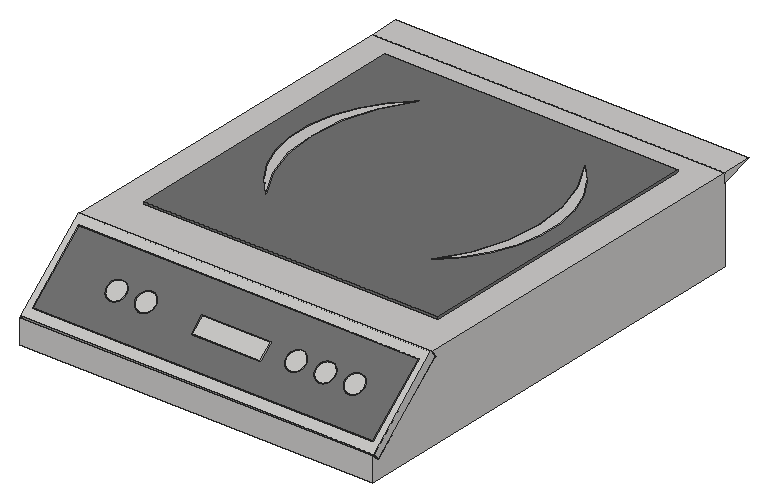
Revit family "QF_Vollrath 59310", category Specialty Equipment, Revit 2016
Family settings
  Part Type = Normal
  Round Connector Dimension = Use Diameter
  OmniClass Number = 23.40.40.14.17.14
  OmniClass Title = Hot Plates
  Work Plane-Based = No
  Always vertical = Yes
  Cut with Voids When Loaded = No
  Shared = No
  Room Calculation Point = No
Parameters (values of type "59310")
  Width = 12.00"
  Weight in Pounds = 10
  Watts = 1400 W
  Watermarked By = "http://revitwatermark.com"
  Volts = 120 V
  URL Cutsheet = ""
  URL = "www.vollrathco.com"
  Status [instance] = ""
  Specification by User [instance] = ""
  Specification by Manufacturer = ""
  Serial Number [instance] = ""
  Seismic Rating [instance] = ""
  Revision Code [instance] = ""
  Phase = 1
  Number of Poles [instance] = 1
  NAFEM Spec ID Number [instance] = ""
  Model = "59310"
  Masterspec = ""
  Manufacturer = "Vollrath"
  Leg Height [instance] = 0.25"
  Item Number [instance] = ""
  Installed By [instance] = ""
  Height AFF [instance] = 36.00"
  Height [instance] = 3.125"
  Furnished By [instance] = ""
  Foodservice Equipment Identifier [instance] = yes
  FL Amps = 12 A
  Electrical Remarks [instance] = ""
  Electric Connection Type [instance] = ""
  Elec Conn Connection Height [instance] = Height AFF + 2.00"  # 38.00"
  Description = "Induction Range, Countertop"
  Depth = 16.00"
  Cycle = 60 Hz
  Conn Plug = "NEMA 5-15P"
  CSI MasterFormat = "11 42 13"
  Assembly Code = "E1090320"
  Apparent Power = if(Phase = 3, Volts * FL Amps * 1.73, Volts * FL Amps)  # 1440 VA
Reference planes (in)
  plane 1: z = 0
  plane 2 "LEFT": x = 48.38
  plane 3 "BACK": y = -49.12
  plane 4 "BOTTOM": z = 36
  plane 5 "RIGHT": x = 60.38
  plane 6 "FRONT": y = -64.12
  plane 7 "TOP": z = 39.125
  plane 8: z = 36.25
  plane 9: y = -49.12
  plane 10: x = 49.38
  plane 11: x = 59.38
  plane 12: y = -63.12
  plane 13: z = 38.33039
  plane 14: y = -48.12
  plane 15: y = -61.5
  plane 16: z = 36.75
  plane 17: x = 59.63
  plane 18: y = -44.12
  plane 19: z = 39.19916
Forms (in)
  Extrusion 1, solid, material "QF_Finishes_Stainless Steel"
    sketch origin (48.38, 0, 0) x (0, 1, 0) y (0, 0, 1)
      loop
        line (-61.245, 39.125) -> (-61.245, 36.25) -> (-49.12, 36.25) -> (-49.12, 39.125) -> (-61.245, 39.125)
    from 0 to 12
  Extrusion 2, solid, material "QF_Finishes_Stainless Steel"
    sketch origin (0, -0.48296, 0) x (1, 0, 0) y (0, 1, 0)
      loop
        circle (49.38, -49.12) r 0.25
    from 36 to 36.25
  Extrusion 3, solid, material "QF_Finishes_Stainless Steel"
    sketch origin (10.12941, -0.48296, 0) x (1, 0, 0) y (0, 1, 0)
      loop
        circle (49.38, -49.12) r 0.25
    from 36 to 36.25
  Extrusion 4, solid, material "QF_Finishes_Stainless Steel"
    sketch origin (10.14941, -14, 0) x (1, 0, 0) y (0, 1, 0)
      loop
        circle (49.38, -49.12) r 0.25
    from 36 to 36.25
  Extrusion 5, solid, material "QF_Finishes_Stainless Steel"
    sketch origin (0, -14, 0) x (1, 0, 0) y (0, 1, 0)
      loop
        circle (49.38, -49.12) r 0.25
    from 36 to 36.25
  Extrusion 6, void
    sketch origin (0, 0, 0) x (1, 0, 0) y (0, 1, 0)
      loop
        line (49.38, -49.8642) -> (49.38, -60.10178) -> (59.38, -60.10178) -> (59.38, -49.8642) -> (49.38, -49.8642)
    from 38.33039 to 28.625
  Extrusion 7, solid, material "QF_Finishes_Dark Grey"
    sketch origin (0, 0, 0) x (1, 0, 0) y (0, 1, 0)
      loop
        line (59.38, -49.8642) -> (49.38, -49.8642) -> (49.38, -60.10178) -> (59.38, -60.10178) -> (59.38, -49.8642)
      loop
        arc (51.66558, -57.76405) -> (50.61588, -54.51405) -> (51.66558, -51.26405) r 5.55606
        arc (51.66558, -51.26405) -> (50.19013, -54.51405) -> (51.66558, -57.76405) r 4.31714
      loop
        arc (57.31071, -57.76405) -> (58.78616, -54.51405) -> (57.31071, -51.26405) r 4.31714
        arc (57.31071, -51.26405) -> (58.3604, -54.51405) -> (57.31071, -57.76405) r 5.55606
    from 38.33039 to 39.19916
  Extrusion 8, solid, material "QF_Finishes_Stainless Steel"
    sketch origin (0, 0, 0) x (1, 0, 0) y (0, 1, 0)
      loop
        arc (51.66558, -57.76405) -> (50.61588, -54.51405) -> (51.66558, -51.26405) r 5.55606
        arc (51.66558, -51.26405) -> (50.19013, -54.51405) -> (51.66558, -57.76405) r 4.31714
      loop
        arc (57.31071, -57.76405) -> (58.78616, -54.51405) -> (57.31071, -51.26405) r 4.31714
        arc (57.31071, -51.26405) -> (58.3604, -54.51405) -> (57.31071, -57.76405) r 5.55606
    from 38.33039 to 39.19916
  Extrusion 9, solid, material "QF_Finishes_Stainless Steel"
    sketch origin (48.38, 0, 0) x (0, 1, 0) y (0, 0, 1)
      loop
        line (-64.12, 36.25) -> (-61.245, 36.25) -> (-61.245, 39.125) -> (-61.60957, 39.125) -> (-61.41919, 38.8899) -> (-63.91495, 36.86887) -> (-64.12, 37.07393) -> (-64.12, 36.25)
    from 0 to 12
  Extrusion 10, solid, material "QF_Finishes_Stainless Steel"
    sketch origin (0, -73.94874, 7.66231) x (1, 0, 0) y (0, 0.762048, 0.647521)
      loop
        line (48.38, 29.78803) -> (48.38, 26.57393) -> (60.38, 26.57393) -> (60.38, 29.78803) -> (48.38, 29.78803)
      loop
        line (48.57031, 29.4729) -> (48.57031, 26.90016) -> (60.1637, 26.90016) -> (60.1637, 29.4729) -> (48.57031, 29.4729)
    from 15.75624 to 16.04533
  Extrusion 11, solid, material "QF_Finishes_Dark Grey"
    sketch origin (20, -79.4147, 4.93739) x (1, 0, 0) y (0, 0.766044, 0.642788)
      loop
        line (28.57031, 32.73894) -> (40.1637, 32.73894) -> (40.1637, 35.31163) -> (28.57031, 35.31163) -> (28.57031, 32.73894)
      loop
        line (33.4252, 34.25562) -> (33.4252, 33.65796) -> (35.76987, 33.65796) -> (35.76987, 34.25562) -> (33.4252, 34.25562)
      loop
        circle (36.7583, 34.02575) r 0.32508
      loop
        circle (37.7583, 34.02575) r 0.32508
      loop
        circle (38.7583, 34.02575) r 0.32508
      loop
        circle (30.64379, 34.02575) r 0.32508
      loop
        circle (31.64379, 34.02575) r 0.32508
    from 14.49145 to 14.78939
  Extrusion 12, solid, material "QF_Finishes_Stainless Steel"
    sketch origin (20, -79.4147, 4.93739) x (1, 0, 0) y (0, 0.766044, 0.642788)
      loop
        circle (30.64379, 34.02575) r 0.32508
      loop
        circle (31.64379, 34.02575) r 0.32508
      loop
        line (33.4252, 34.25562) -> (33.4252, 33.65796) -> (35.76987, 33.65796) -> (35.76987, 34.25562) -> (33.4252, 34.25562)
      loop
        circle (36.7583, 34.02575) r 0.32508
      loop
        circle (37.7583, 34.02575) r 0.32508
      loop
        circle (38.7583, 34.02575) r 0.32508
    from 14.49145 to 14.78939
  Extrusion 13, solid, material "QF_Finishes_Stainless Steel", not visible
    sketch origin (0, -73.94874, -2.83769) x (1, 0, 0) y (0, 0.762048, 0.647521)
      loop
        line (48.38, 29.78803) -> (48.38, 26.57393) -> (60.38, 26.57393) -> (60.38, 29.78803) -> (48.38, 29.78803)
      loop
        line (48.57031, 29.4729) -> (48.57031, 26.90016) -> (60.1637, 26.90016) -> (60.1637, 29.4729) -> (48.57031, 29.4729)
    from 15.75624 to 16.04533
  Extrusion 14, solid, material "QF_Finishes_Dark Grey", not visible
    sketch origin (20, -79.4147, -5.56261) x (1, 0, 0) y (0, 0.766044, 0.642788)
      loop
        line (28.57031, 32.73894) -> (40.1637, 32.73894) -> (40.1637, 35.31163) -> (28.57031, 35.31163) -> (28.57031, 32.73894)
      loop
        line (33.4252, 34.25562) -> (33.4252, 33.65796) -> (35.76987, 33.65796) -> (35.76987, 34.25562) -> (33.4252, 34.25562)
      loop
        circle (36.7583, 34.02575) r 0.32508
      loop
        circle (37.7583, 34.02575) r 0.32508
      loop
        circle (38.7583, 34.02575) r 0.32508
      loop
        circle (30.64379, 34.02575) r 0.32508
      loop
        circle (31.64379, 34.02575) r 0.32508
    from 14.49145 to 14.78939
  Extrusion 15, solid, material "QF_Finishes_Stainless Steel", not visible
    sketch origin (20, -79.4147, -5.56261) x (1, 0, 0) y (0, 0.766044, 0.642788)
      loop
        circle (30.64379, 34.02575) r 0.32508
      loop
        circle (31.64379, 34.02575) r 0.32508
      loop
        line (33.4252, 34.25562) -> (33.4252, 33.65796) -> (35.76987, 33.65796) -> (35.76987, 34.25562) -> (33.4252, 34.25562)
      loop
        circle (36.7583, 34.02575) r 0.32508
      loop
        circle (37.7583, 34.02575) r 0.32508
      loop
        circle (38.7583, 34.02575) r 0.32508
    from 14.49145 to 14.78939
  Extrusion 16, solid, material "QF_Finishes_Stainless Steel"
    sketch origin (48.38, 0, 0) x (0, 1, 0) y (0, 0, 1)
      loop
        line (-49.12, 39.125) -> (-49.12, 38.81927) -> (-48.12, 39.125) -> (-49.12, 39.125)
    from 0 to 12
  Extrusion 17, solid, material "QF_Finishes_Stainless Steel"
    sketch origin (0, -49.12, 0) x (1, 0, 0) y (0, 0, 1)
      loop
        circle (59.63, 36.75) r 0.25
    from 0 to -0.22632
  Extrusion 18, solid, material "QF_Finishes_Clearances", detail levels coarse
    sketch origin (0, 0, 0) x (1, 0, 0) y (0, 1, 0)
      loop
        line (48.38, -44.12) -> (48.38, -48.12) -> (60.38, -48.12) -> (60.38, -44.12) -> (48.38, -44.12)
    from 36 to 39.125
Cuts and joins
  Extrusion 6 cuts Extrusion 1
  joined: Extrusion 1, Extrusion 9
Lines and regions (in)
  symbolic lines
    curve 1: line (60.38, -49.12, 0) -> (48.38, -49.12, 0)
    curve 2: line (48.38, -49.12, 0) -> (48.38, -64.12, 0)
    curve 3: line (49.38, -49.8642, 0) -> (49.38, -60.10178, 0)
    curve 4: line (59.38, -49.8642, 0) -> (49.38, -49.8642, 0)
    curve 5: line (59.38, -60.10178, 0) -> (59.38, -49.8642, 0)
    curve 6: arc (57.31071, -51.26405, 0) -> (58.3604, -54.51405, 0) -> (57.31071, -57.76405, 0) r 5.55606
    curve 7: arc (57.31071, -57.76405, 0) -> (58.78616, -54.51405, 0) -> (57.31071, -51.26405, 0) r 4.31714
    curve 8: arc (51.66558, -57.76405, 0) -> (50.61588, -54.51405, 0) -> (51.66558, -51.26405, 0) r 5.55606
    curve 9: arc (51.66558, -51.26405, 0) -> (50.19013, -54.51405, 0) -> (51.66558, -57.76405, 0) r 4.31714
    curve 10: line (49.38, -60.10178, 0) -> (59.38, -60.10178, 0)
    curve 11: line (60.38, -64.12, 0) -> (60.38, -49.12, 0)
    curve 12: line (60.38, -61.63854, 0) -> (48.38, -61.63854, 0)
    curve 13: line (48.38, -64.12, 0) -> (60.38, -64.12, 0)
    curve 14: line (48.38, -48.12, 0) -> (48.38, -49.12, 0)
    curve 15: line (60.38, -49.12, 0) -> (60.38, -48.12, 0)
    curve 16: line (60.38, -48.12, 0) -> (48.38, -48.12, 0)
Dimensions and locks (in)
  "Height AFF": plane 4 "BOTTOM" to level
  "Height": plane 7 "TOP" to plane 4 "BOTTOM"
  "Leg Height": plane 8 to plane 4 "BOTTOM"
  "Width": plane 2 "LEFT" to plane 5 "RIGHT"
  plane 3 "BACK" to plane 9 = 0.00"
  plane 12 to plane 6 "FRONT" = 1.00"
  plane 2 "LEFT" to plane 10 = 1.00"
  plane 11 to plane 5 "RIGHT" = 1.00"
  locked: plane 7 "TOP" to Extrusion 11 at 0.38864
  locked: plane 7 "TOP" to plane 13 at 0.79461
  locked: plane 8 to plane 16 at 0.5
  locked: plane 18 to plane 14 at 4
  "Depth": plane 14 to plane 6 "FRONT"
  locked: plane 19 to plane 7 "TOP" at 0.07416
  aligned and locked: level to plane 1
  aligned and locked: plane 8 to Extrusion 4
  aligned and locked: Extrusion 4 to plane 4 "BOTTOM"
  aligned and locked: plane 8 to Extrusion 5
  aligned and locked: Extrusion 5 to plane 4 "BOTTOM"
  aligned and locked: plane 8 to Extrusion 3
  aligned and locked: Extrusion 3 to plane 4 "BOTTOM"
  aligned and locked: plane 8 to Extrusion 2
  aligned and locked: Extrusion 2 to plane 4 "BOTTOM"
  aligned and locked: plane 7 "TOP" to Extrusion 1
  aligned and locked: Extrusion 1 to plane 8
  aligned: plane 7 "TOP" to Extrusion 7
  aligned and locked: Extrusion 7 to plane 13
  aligned and locked: cut or joined group of Extrusion 1, Extrusion 6, Extrusion 9 to plane 13
  aligned: plane 7 "TOP" to Extrusion 8
  aligned and locked: Extrusion 8 to cut or joined group of Extrusion 1, Extrusion 6, Extrusion 9
  aligned and locked: plane 7 "TOP" to Extrusion 16
  aligned and locked: plane 3 "BACK" to Extrusion 16
  aligned and locked: plane 2 "LEFT" to Extrusion 18 sketch curve
  aligned and locked: Extrusion 18 sketch curve to Extrusion 16  (x2)
  aligned and locked: plane 7 "TOP" to Extrusion 18
  aligned and locked: Extrusion 18 to plane 4 "BOTTOM"
  aligned and locked: plane 7 "TOP" to cut or joined group of Extrusion 1, Extrusion 6, Extrusion 9
  aligned and locked: plane 13 to Extrusion 7
  aligned: Extrusion 8 to plane 7 "TOP"
  aligned and locked: plane 13 to Extrusion 8
  aligned and locked: plane 19 to Extrusion 7
  aligned and locked: Extrusion 7 to Extrusion 8
Automatic sketch dimensions
  Extrusion 1 sketch curve to plane 7 "TOP" = 0.00"
  Extrusion 1 sketch curve to plane 8 = 0.00"
  Extrusion 1 sketch curve to plane 3 "BACK" = 0.00"
  plane 12 to Extrusion 1 sketch curve = 1.875"
  Extrusion 2 sketch curve to plane 9 = 0.48296"
  plane 10 to Extrusion 2 sketch curve = 0.00"
  Extrusion 3 sketch curve to plane 9 = 0.48296"
  plane 11 to Extrusion 3 sketch curve = 0.12941"
  plane 11 to Extrusion 4 sketch curve = 0.14941"
  Extrusion 4 sketch curve to plane 12 = 0.00"
  Extrusion 5 sketch curve to plane 10 = 0.00"
  Extrusion 5 sketch curve to plane 12 = 0.00"
  Extrusion 6 sketch curve to plane 10 = 0.00"
  Extrusion 6 sketch curve to plane 11 = 0.00"
  Extrusion 6 sketch curve to plane 9 = 0.7442"
  plane 12 to Extrusion 6 sketch curve = 3.01822"
  Extrusion 7 sketch curve to plane 9 = 0.7442"
  Extrusion 7 sketch curve to plane 10 = 0.00"
  Extrusion 7 sketch curve to plane 11 = 0.00"
  plane 10 to Extrusion 7 sketch curve = 2.28558"  (x2)
  plane 10 to Extrusion 7 sketch curve = 3.42434"
  Extrusion 7 sketch curve to Extrusion 7 sketch curve = 1.66467"  (x2)
  Extrusion 7 sketch curve to Extrusion 7 sketch curve = 0.03825"
  Extrusion 7 sketch curve to plane 11 = 2.06929"  (x2)
  Extrusion 7 sketch curve to plane 9 = 2.14405"  (x2)
  Extrusion 7 sketch curve to Extrusion 7 sketch curve = 3.25"
  Extrusion 7 sketch curve to Extrusion 7 sketch curve = 0.00"
  plane 12 to Extrusion 7 sketch curve = 3.01822"
  plane 10 to Extrusion 8 sketch curve = 2.28558"  (x2)
  plane 10 to Extrusion 8 sketch curve = 3.42434"
  Extrusion 8 sketch curve to Extrusion 8 sketch curve = 1.66467"  (x2)
  Extrusion 8 sketch curve to Extrusion 8 sketch curve = 0.03825"
  Extrusion 8 sketch curve to plane 11 = 2.06929"  (x2)
  plane 12 to Extrusion 8 sketch curve = 5.35595"  (x2)
  Extrusion 8 sketch curve to Extrusion 8 sketch curve = 3.25"
  Extrusion 8 sketch curve to Extrusion 8 sketch curve = 0.00"
  Extrusion 9 sketch curve to plane 6 "FRONT" = 0.00"
  Extrusion 9 sketch curve to plane 7 "TOP" = 0.00"
  Extrusion 9 sketch curve to plane 8 = 0.00"
  plane 6 "FRONT" to Extrusion 9 sketch curve = 0.20505"
  plane 12 to Extrusion 9 sketch curve = 1.51043"
  Extrusion 9 sketch curve to plane 7 "TOP" = 0.2351"
  Extrusion 9 sketch curve to Extrusion 9 sketch curve = 0.19038"
  Extrusion 9 sketch curve to Extrusion 9 sketch curve = 0.17419"
  Extrusion 9 sketch curve to Extrusion 9 sketch curve = 0.20505"
  Extrusion 10 sketch curve to Extrusion 10 sketch curve = 0.19031"
  Extrusion 10 sketch curve to Extrusion 10 sketch curve = 0.2163"
  Extrusion 10 sketch curve to Extrusion 10 sketch curve = 0.32623"
  Extrusion 10 sketch curve to Extrusion 10 sketch curve = 2.57274"
  Extrusion 10 sketch curve to Extrusion 10 sketch curve = 0.31513"
  Extrusion 11 sketch curve to Extrusion 11 sketch curve = 2.07348"
  Extrusion 11 sketch curve to Extrusion 11 sketch curve = 1.00"  (x3)
  Extrusion 11 sketch curve to Extrusion 11 sketch curve = 1.78141"
  Extrusion 11 sketch curve to Extrusion 11 sketch curve = 2.34466"
  Extrusion 11 sketch curve to Extrusion 11 sketch curve = 0.98844"
  Extrusion 11 sketch curve to Extrusion 11 sketch curve = 1.40539"
  Extrusion 11 sketch curve to Extrusion 11 sketch curve = 0.91902"
  Extrusion 11 sketch curve to Extrusion 11 sketch curve = 0.36779"
  Extrusion 11 sketch curve to Extrusion 11 sketch curve = 1.28681"
  Extrusion 11 sketch curve to Extrusion 11 sketch curve = 0.00"  (x3)
  Extrusion 11 sketch curve to Extrusion 11 sketch curve = 0.59766"
  Extrusion 11 sketch curve to Extrusion 11 sketch curve = 1.28588"
  Extrusion 12 sketch curve to Extrusion 12 sketch curve = 0.32508"  (x5)
  Extrusion 12 sketch curve to Extrusion 12 sketch curve = 0.34983"  (x3)
  Extrusion 12 sketch curve to Extrusion 12 sketch curve = 1.45633"
  Extrusion 12 sketch curve to Extrusion 12 sketch curve = 2.34466"
  Extrusion 12 sketch curve to Extrusion 12 sketch curve = 0.66335"
  Extrusion 12 sketch curve to Extrusion 12 sketch curve = 0.36779"  (x3)
  Extrusion 12 sketch curve to Extrusion 12 sketch curve = 0.00"  (x12)
  Extrusion 12 sketch curve to Extrusion 12 sketch curve = 0.59766"
  Extrusion 10 sketch curve to Extrusion 10 sketch curve = 11.59339"
  Extrusion 13 sketch curve to Extrusion 13 sketch curve = 0.19031"
  Extrusion 13 sketch curve to Extrusion 13 sketch curve = 0.2163"
  Extrusion 13 sketch curve to Extrusion 13 sketch curve = 0.32623"
  Extrusion 13 sketch curve to Extrusion 13 sketch curve = 2.57274"
  Extrusion 13 sketch curve to Extrusion 13 sketch curve = 0.31513"
  Extrusion 14 sketch curve to Extrusion 14 sketch curve = 2.07348"
  Extrusion 14 sketch curve to Extrusion 14 sketch curve = 1.00"  (x3)
  Extrusion 14 sketch curve to Extrusion 14 sketch curve = 1.78141"
  Extrusion 14 sketch curve to Extrusion 14 sketch curve = 2.34466"
  Extrusion 14 sketch curve to Extrusion 14 sketch curve = 0.98844"
  Extrusion 14 sketch curve to Extrusion 14 sketch curve = 1.40539"
  Extrusion 14 sketch curve to Extrusion 14 sketch curve = 0.91902"
  Extrusion 14 sketch curve to Extrusion 14 sketch curve = 0.36779"
  Extrusion 14 sketch curve to Extrusion 14 sketch curve = 1.28681"
  Extrusion 14 sketch curve to Extrusion 14 sketch curve = 0.00"  (x3)
  Extrusion 14 sketch curve to Extrusion 14 sketch curve = 0.59766"
  Extrusion 14 sketch curve to Extrusion 14 sketch curve = 1.28588"
  Extrusion 15 sketch curve to Extrusion 15 sketch curve = 0.32508"  (x5)
  Extrusion 15 sketch curve to Extrusion 15 sketch curve = 0.34983"  (x3)
  Extrusion 15 sketch curve to Extrusion 15 sketch curve = 1.45633"
  Extrusion 15 sketch curve to Extrusion 15 sketch curve = 2.34466"
  Extrusion 15 sketch curve to Extrusion 15 sketch curve = 0.66335"
  Extrusion 15 sketch curve to Extrusion 15 sketch curve = 0.36779"  (x3)
  Extrusion 15 sketch curve to Extrusion 15 sketch curve = 0.00"  (x12)
  Extrusion 15 sketch curve to Extrusion 15 sketch curve = 0.59766"
  Extrusion 13 sketch curve to Extrusion 13 sketch curve = 11.59339"
  Extrusion 16 sketch curve to plane 3 "BACK" = 0.00"
  plane 7 "TOP" to Extrusion 16 sketch curve = 0.00"
  plane 14 to Extrusion 16 sketch curve = 0.00"
  Extrusion 16 sketch curve to plane 7 "TOP" = 0.30573"
  Extrusion 17 sketch curve to plane 16 = 0.00"
  Extrusion 17 sketch curve to plane 17 = 0.00"
  curve 1 to plane 2 "LEFT" = 0.00"
  curve 3 to plane 10 = 0.00"
  curve 5 to plane 11 = 0.00"
  curve 12 to plane 5 "RIGHT" = 0.00"
  curve 13 to plane 6 "FRONT" = 0.00"
  plane 3 "BACK" to curve 2 = 0.00"
  curve 15 to plane 14 = 0.00"
  plane 10 to curve 9 = 2.28558"  (x2)
  plane 10 to curve 6 = 3.42434"
  curve 6 to curve 7 = 1.66467"
  curve 7 to curve 9 = 0.03825"
  curve 9 to curve 8 = 1.66467"
  curve 7 to plane 11 = 2.06929"
  curve 6 to plane 11 = 2.06929"
  curve 12 to plane 15 = 0.13854"
  plane 15 to curve 3 = 1.39822"
  curve 3 to curve 9 = 2.33772"
  curve 5 to curve 6 = 2.33772"
  curve 6 to curve 9 = 3.25"
  curve 7 to curve 9 = 0.00"
  plane 3 "BACK" to curve 4 = 0.7442"
  Extrusion 18 sketch curve to plane 18 = 0.00"
  radius of Extrusion 2 sketch curve = 0.25"
  radius of Extrusion 3 sketch curve = 0.25"
  radius of Extrusion 4 sketch curve = 0.25"
  radius of Extrusion 5 sketch curve = 0.25"
  radius of Extrusion 11 sketch curve = 0.32508"  (x5)
  radius of Extrusion 14 sketch curve = 0.32508"  (x5)
  radius of Extrusion 17 sketch curve = 0.25"
Connectors (in)
  electrical at (59.63, -48.89368, 36.75), driven by "Number of Poles", driven by "Volts", driven by "Apparent Power"
    settings: on Extrusion 17, index 1, voltage 120 V, apparent load 1440 VA, apparent load phase1 0 VA, apparent load phase2 0 VA, apparent load phase3 0 VA, power factor 1, load classification "Other", number of poles 1, system type 30, power factor state 1, is connector primary yes, connector utility no, sub classification motor no, connector description "Electric Connection"
